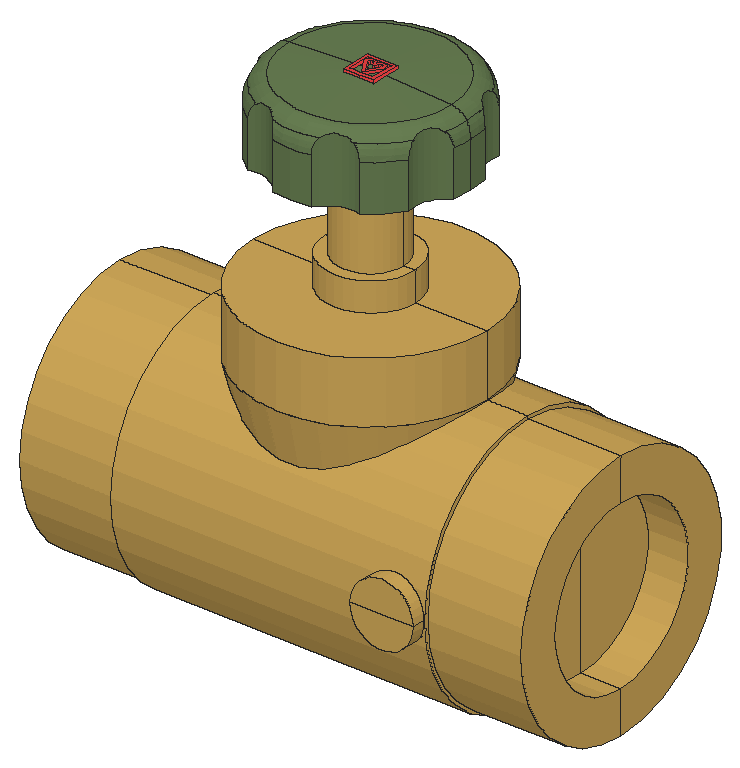
Revit family "Запорный клапан Strömax 4215 W, муфта х муфта", category Rohrzubehör, Revit 2018
Family settings
  Bemaßung runder Anschluss = Durchmesser verwenden
  Teiletyp = Unterbricht
  OmniClass-Nummer = 23.65.55.14
  OmniClass-Titel = Valves for Liquid Services
  Arbeitsebenenbasiert = Nein
  Immer vertikal = Ja
  Beim Laden mit Abzugskörper schneiden = Nein
  Gemeinsam genutzt = Nein
Parameters
  Примечание = "В соответствии со статьей 33 Регламента REACH (Registration; Evaluation; Authorisation; Restriction of Chemicals) (EC № 1907/2006) мы обязаны указать, что свинец внесен в список SVHC (Substances of Very High Concern - вещества очень высокой важности) и весовой процент свинца во всех латунных компонентах заводского изготовления в наших изделиях, превышает 0,1 % (w/w) (CAS: 7439-92-1 / EINECS: 231-100-4).\r\nПоскольку свинец является легирующим компонентом сплава, прямое негативное влияние исключается, и поэтому дополнительной информации о безопасном использовании не требуется."
  Область применения = "Для перекрытия трубопроводов в системе питьевого водоснабжения в зданиях."
  Номер заказа [instance] = size_lookup("4215W_", "Artnr", 0, Nennweite)  # 2421546
  Маховик = "пластик, цвет маховика - зеленый"  # constant formula
  Макс. рабочее давление = 1000000.0 Pa  # constant formula
  Макс. рабочая температура = 90 °C  # constant formula
  Корпус = "латунь, устойчивая к селективной цинковой коррозии, в соответствии с EN1982"  # constant formula
  URL = "www.herz-armaturen.ru"
  T01 [instance] = size_lookup("4215W_", "T1", 17.5 mm, Nennweite)  # 42 mm
  SC_NennweiteBerechnet = 0
  SC_Dimension = ""
  SCTWSEQ = "FW;SBT_TYP_FW=\"106\";2"
  SCTWCODE = "04;01;02"  # constant formula
  S03 = 60 mm  # constant formula
  S02 [instance] = H01 + H02 + H03  # 93 mm
  S01 [instance] = R01 * 2  # 75 mm
  R08 [instance] = size_lookup("4215W_", "R8", 9.5 mm, Nennweite)  # 9.5 mm
  R07 = 3 mm  # constant formula
  R06 [instance] = size_lookup("4215W_", "R6", 7.8 mm, Nennweite)  # 10 mm
  R05 [instance] = size_lookup("4215W_", "R5", 10.1 mm, Nennweite)  # 13.5 mm
  R04 [instance] = size_lookup("4215W_", "R4", 13.5 mm, Nennweite)  # 35 mm
  R03 [instance] = size_lookup("4215W_", "R3", 15 mm, Nennweite)  # 38.5 mm
  R02 [instance] = Nennweite / 2  # 25 mm
  R01 [instance] = size_lookup("4215W_", "R1", 16 mm, Nennweite)  # 37.5 mm
  Nennweite [instance] = 50 mm
  Мин. расход при Dp 10 кПа [instance] = if(Nennweite = 15 mm, 0.2, if(Nennweite = 20 mm, 0.4, if(Nennweite = 25 mm, 0.7, if(Nennweite = 32 mm, 1.2, if(Nennweite = 40 mm, 1.6, if(Nennweite = 50 mm, 2.7, 0))))))  # 2.7
  Среда = "Питьевая вода"  # constant formula
  Макс. перепад давления на закрытом седле = 1000000.0 Pa  # constant formula
  L03 [instance] = size_lookup("4215W_", "L3", 15.5 mm, Nennweite)  # 38 mm
  L02 = 12 mm  # constant formula
  L01 [instance] = size_lookup("4215W_", "L1", 16 mm, Nennweite)  # 28 mm
  L00 [instance] = size_lookup("4215W_", "L", 65 mm, Nennweite)  # 150 mm
  Hersteller = "HERZ Armaturen Ges.m.b.H."  # constant formula
  H04 = 21 mm  # constant formula
  H03 [instance] = size_lookup("4215W_", "H3", 14.6 mm, Nennweite)  # 27.3 mm
  H02 [instance] = size_lookup("4215W_", "H2", 5.4 mm, Nennweite)  # 8.7 mm
  H01 [instance] = size_lookup("4215W_", "H1", 26 mm, Nennweite)  # 57 mm
  H00 [instance] = H01 + H02 + H03  # 93 mm
  O-Ring = "EPDM"  # constant formula
Reference planes
  plane 1 "Mitte (Vorne/hinten)": y = 0
  plane 2: z = 0
  plane 3 "Mitte (Links/rechts)": x = 0
Forms (mm)
  Revolve 1, solid, material "Messing, weicher Gelbton, geschweißt", detail levels fine
    sketch origin (470, 0, 0) x (1, 0, 0) y (0, 0, 1)
      loop
        line (-545, 25) -> (-533, 25) -> (-533, 0) -> (-407, 0) -> (-407, 25) -> (-395, 25) -> (-395, 37.5) -> (-423, 37.5) -> (-423, 38.5) -> (-517, 38.5) -> (-517, 37.5) -> (-545, 37.5) -> (-545, 25)
      axis (-545, 0) -> (-395, 0)
    angle from 0 to 360
  Revolve 2, solid, material "Messing, weicher Gelbton, geschweißt", detail levels fine
    sketch origin (0, 0, 0) x (1, 0, 0) y (0, 0, 1)
      loop
        line (0, 0) -> (0, 93) -> (-10, 93) -> (-10, 65.7) -> (-13.5, 65.7) -> (-13.5, 57) -> (-35, 57) -> (-35, 38.5) -> (-25, 0) -> (0, 0)
      axis (0, 93) -> (0, 0)
    angle from 0 to 360
  Revolve 3, solid, material "Messing, weicher Gelbton, geschweißt", detail levels fine
    sketch origin (0, 0, 0) x (1, 0, 0) y (0, 1, 0)
      loop
        line (37, -42) -> (46.5, -42) -> (46.5, -25) -> (40, -25) -> (40, 25) -> (46.5, 25) -> (46.5, 42) -> (37, 42) -> (37, -42)
      axis (37, 42) -> (37, -42)
    angle from 0 to 360
Lines and regions (mm)
  model lines, detail levels coarse+medium
    curve 1: line (-75, 0, -37.5) -> (-75, 0, 37.5)
    curve 2: line (-75, 0, 37.5) -> (75, 0, -37.5)
    curve 3: line (75, 0, -37.5) -> (75, 0, 37.5)
    curve 4: line (75, 0, 37.5) -> (-75, 0, -37.5)
    curve 5: line (0, 0, 0) -> (0, 0, 93)
    curve 6: line (-30, 0, 93) -> (30, 0, 93)
    curve 7: line (-75, 37.5, 0) -> (-75, -37.5, 0)
    curve 8: line (-75, -37.5, 0) -> (75, 37.5, 0)
    curve 9: line (75, 37.5, 0) -> (75, -37.5, 0)
    curve 10: line (75, -37.5, 0) -> (-75, 37.5, 0)
    curve 11: line (0, 0, 0) -> (0, 93, 0)
    curve 12: line (-30, 93, 0) -> (30, 93, 0)
Dimensions and locks
  "L00": Revolve 1 sketch curve to Revolve 1 sketch curve
  equal spacing: Revolve 1 sketch curve, plane 3 "Mitte (Links/rechts)", Revolve 1 sketch curve
  "R01": Revolve 1 sketch curve to Revolve 1 sketch curve  (x2)
  "R02": Revolve 1 sketch curve to Revolve 1 sketch curve  (x2)
  "L01": Revolve 1 sketch curve to Revolve 1 sketch curve  (x2)
  "L02": Revolve 1 sketch curve to Revolve 1 sketch curve  (x2)
  "R03": Revolve 1 sketch curve to Revolve 1 sketch curve
  "R03": Revolve 2 sketch curve to Revolve 2 sketch curve
  "R02": Revolve 2 sketch curve to Revolve 2 sketch curve
  "R04": Revolve 2 sketch curve to Revolve 2 sketch curve
  "R05": Revolve 2 sketch curve to Revolve 2 sketch curve
  "R06": Revolve 2 sketch curve to Revolve 2 sketch curve
  "H01": Revolve 2 sketch curve to plane 2
  "T01": Revolve 3 sketch curve to plane 1 "Mitte (Vorne/hinten)" to Revolve 3 sketch curve
  "L03": Revolve 3 sketch curve to Revolve 1
  "R02": Revolve 3 sketch curve to plane 1 "Mitte (Vorne/hinten)"
  "R02": plane 1 "Mitte (Vorne/hinten)" to Revolve 3 sketch curve
  "R07": Revolve 3 sketch curve to Revolve 3 sketch curve
  "R08": Revolve 3 sketch curve to Revolve 3 sketch curve
  "H02": Revolve 2 sketch curve to Revolve 2 sketch curve
  "H03": Revolve 2 sketch curve to Revolve 2 sketch curve
  "H00": nested 1 to plane 2
  "H04": nested 2 to Revolve 2
  equal spacing: curve 3, plane 3 "Mitte (Links/rechts)", curve 1
  "L00": curve 3 to curve 1
  equal spacing: curve 2, plane 2, curve 4
  "S01": curve 2 to curve 4
  equal spacing: curve 4, plane 2, curve 3
  "S01": curve 4 to curve 3
  "S02": curve 5 to plane 2
  equal spacing: curve 6, curve 5, curve 6
  "S03": curve 6 to curve 6
  equal spacing: curve 7, plane 3 "Mitte (Links/rechts)", curve 9
  "L00": curve 7 to curve 9
  equal spacing: curve 10, plane 1 "Mitte (Vorne/hinten)", curve 9
  equal spacing: curve 8, plane 1 "Mitte (Vorne/hinten)", curve 10
  "S01": curve 9 to curve 10
  "S01": curve 10 to curve 8
  equal spacing: curve 12, plane 3 "Mitte (Links/rechts)", curve 12
  "S02": plane 1 "Mitte (Vorne/hinten)" to curve 11
  "S03": curve 12 to curve 12
  aligned and locked: level to plane 2
Automatic sketch dimensions
  curve 5 to level = 0 mm
  plane 1 "Mitte (Vorne/hinten)" to curve 11 = 0 mm
  Revolve 1 sketch curve to level = 0 mm  (x2)
  Revolve 1 sketch curve to Revolve 1 sketch curve = 791.99 mm
  Revolve 1 sketch curve to Revolve 1 sketch curve = 2278.983 mm
  Revolve 2 sketch curve to level = 0 mm
  Revolve 2 sketch curve to plane 3 "Mitte (Links/rechts)" = 0 mm  (x2)
  Revolve 2 sketch curve to level = 366.045 mm
  Revolve 2 sketch curve to Revolve 2 sketch curve = 2165.278 mm
  Revolve 3 sketch curve to Revolve 3 sketch curve = 9.5 mm
  Revolve 3 sketch curve to Revolve 3 sketch curve = 0 mm
  Revolve 3 sketch curve to Revolve 3 sketch curve = 4.553 mm
  Revolve 3 sketch curve to Revolve 3 sketch curve = 3.768 mm
Nested families
  nested 1: "Strömax-Handrad (Grün)" at (0, 0, 93), type "Strömax-Handrad (Grün)", detail levels fine
    with Nennweite 0 mm, Gewicht 0.00 kg, Bestellnummer 0
  nested 2: "Herz-Logo" at (0, 0, 114), type "Herz-Logo", detail levels fine
Connectors
  piping at (-63, 0, 0), diameter 50, driven by "Nennweite"
    settings: on Revolve 1, index 1, connector inside diameter 609.6 mm, connector length 0 mm, flow factor 0, pipe flow 0.0 L/s, pressure drop 0.0 Pa, fitting loss kfactor 0, connector angle 0.00°, fixture units 0, engagement length 0 mm, angle of deflection 0.00°, flow configuration 0, flow direction 1, fitting loss method 0, system type 29, joint type 0, gender type 0, connector reference index -1, connector utility 0, adjustable connector no, is connector primary yes, connector description ""
  piping at (63, 0, 0), diameter 50, driven by "Nennweite"
    settings: on Revolve 1, index 2, connector inside diameter 609.6 mm, connector length 0 mm, flow factor 0, pipe flow 0.0 L/s, pressure drop 0.0 Pa, fitting loss kfactor 0, connector angle 0.00°, fixture units 0, engagement length 0 mm, angle of deflection 0.00°, flow configuration 0, flow direction 2, fitting loss method 0, system type 29, joint type 0, gender type 0, connector reference index -1, connector utility 0, adjustable connector no, is connector primary no, connector description ""
Definition of nested family "Strömax-Handrad (Grün)"
  Parameters (values of type "Strömax-Handrad (Grün)")
    URL = "www.herz-armaturen.at"
    Nennweite [instance] = 0 mm
    Manufacturer = "Herz Armaturen GmbH"  # constant formula
    Gewicht [instance] = 0.00 kg
    Bestellnummer [instance] = 0
  Reference planes
    plane 1 "Mitte (Vorne/hinten)": y = 0
    plane 2: z = 0
    plane 3 "Mitte (Links/rechts)": x = 0
  Forms (mm)
    Revolve 1, solid
      sketch origin (0, 0, 0) x (1, 0, 0) y (0, 0, 1)
        loop
          line (0, 0) -> (0, 22)
          arc (0, 22) -> (-12.15, 21.705) -> (-24.271, 20.819) r 250
          arc (-24.271, 20.819) -> (-26.831, 19.959) -> (-28.754, 18.063) r 6
          arc (-28.754, 18.063) -> (-29.682, 16.008) -> (-30, 13.776) r 8
          line (-30, 13.776) -> (-30, 0) -> (0, 0)
        axis (0, 22) -> (0, 0)
      angle from 0 to 360
    Extrusion 2, void
      sketch origin (0, 0, 0) x (1, 0, 0) y (0, 1, 0)
        loop
          circle (14.351, -34.645) r 10
      from 0 to 22
    Extrusion 3, void
      sketch origin (0, 0, 0) x (-1, 0, 0) y (0, -1, 0)
        loop
          circle (14.351, 34.645) r 10
      from 0 to 22
    Extrusion 4, void
      sketch origin (0, 0, 0) x (0, -1, 0) y (1, 0, 0)
        loop
          circle (14.351, 34.645) r 10
      from 0 to 22
    Extrusion 5, void
      sketch origin (0, 0, 0) x (0, 1, 0) y (-1, 0, 0)
        loop
          circle (14.351, -34.645) r 10
      from 0 to 22
    Extrusion 6, void
      sketch origin (0, 0, 0) x (0, -1, 0) y (1, 0, 0)
        loop
          circle (14.351, -34.645) r 10
      from 0 to 22
    Extrusion 7, void
      sketch origin (0, 0, 0) x (0, 1, 0) y (-1, 0, 0)
        loop
          circle (14.351, 34.645) r 10
      from 0 to 22
    Extrusion 8, void
      sketch origin (0, 0, 0) x (1, 0, 0) y (0, 1, 0)
        loop
          circle (14.351, 34.645) r 10
      from 0 to 22
    Extrusion 9, void
      sketch origin (0, 0, 0) x (-1, 0, 0) y (0, -1, 0)
        loop
          circle (14.351, -34.645) r 10
      from 0 to 22
  Cuts and joins
    Extrusion 2, Extrusion 3, Extrusion 4, Extrusion 5, Extrusion 6, Extrusion 7, Extrusion 8, Extrusion 9 cuts Revolve 1
  Dimensions and locks
    aligned and locked: level to plane 2
Definition of nested family "Herz-Logo"
  Reference planes
    plane 1 "Mitte (Vorne/hinten)": y = 0
    plane 2: z = 0
    plane 3 "Mitte (Links/rechts)": x = 0
  Forms (mm)
    Extrusion 1, solid
      sketch origin (0, 0, 0) x (1, 0, 0) y (0, 1, 0)
        loop
          line (-0.018, -4.517) -> (4.482, -4.517) -> (4.482, 4.483) -> (-4.518, 4.483) -> (-4.518, -4.517) -> (-0.018, -4.517)
        loop
          line (-0.05, -3.48) -> (3.482, -3.48) -> (3.482, 3.483) -> (-3.518, 3.483) -> (-3.518, -3.48) -> (-0.05, -3.48)
        loop
          arc (-0.018, 2.383) -> (-1.543, 3.287) -> (-3.067, 2.383) r 1.738
          arc (-3.067, 2.383) -> (-3.191, 1.899) -> (-3.067, 1.415) r 1.009
          line (-3.067, 1.415) -> (-0.018, -3.281) -> (3.032, 1.415)
          arc (3.032, 1.415) -> (3.156, 1.899) -> (3.032, 2.383) r 1.009
          arc (3.032, 2.383) -> (1.507, 3.287) -> (-0.018, 2.383) r 1.738
        loop
          arc (1.885, 1.272) -> (2.005, 1.675) -> (1.885, 2.079) r 0.74
          arc (1.885, 2.079) -> (1.265, 2.416) -> (0.644, 2.079) r 0.74
          line (0.644, 2.079) -> (-0.018, 0.97) -> (-0.679, 2.079)
          arc (-0.679, 2.079) -> (-1.3, 2.416) -> (-1.921, 2.079) r 0.74
          arc (-1.921, 2.079) -> (-2.04, 1.675) -> (-1.921, 1.272) r 0.74
          line (-1.921, 1.272) -> (-0.018, -1.658) -> (1.885, 1.272)
      from 0 to 1.5
  Dimensions and locks
    aligned and locked: level to plane 2
